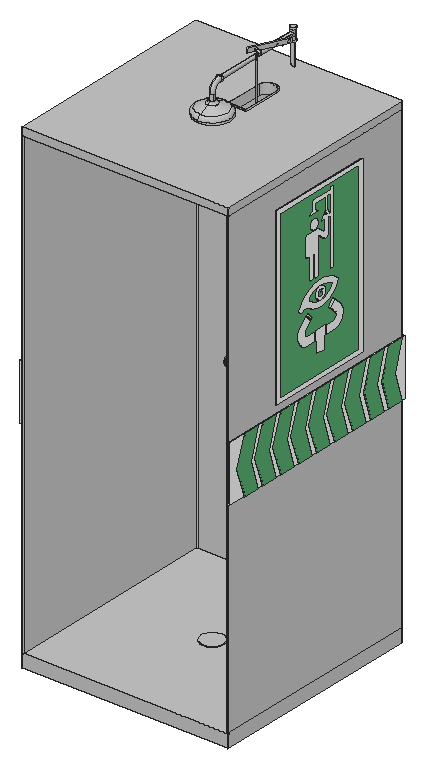
Revit family "Plumbing-Fixturse_Haws-Corporation_8605SS", category Plumbing Fixtures, Revit 2020 (continued)
Lines and regions (in)
  symbolic lines
    curve 159: line (-0.50019, 0, 3.64701) -> (-0.50019, 0, 2.3622)
    curve 161: line (-1.33481, 0, 44.73529) -> (-1.33481, 0, 44.60812)
    curve 162: line (-1.3957, 0, 44.51395) -> (-1.3957, 0, 44.38721)
    curve 163: arc (-1.3957, 0, 44.51395) -> (-1.38561, 0, 44.53832) -> (-1.36124, 0, 44.54841) r 0.03446
    curve 164: arc (-1.36124, 0, 44.54841) -> (-1.34171, 0, 44.57547) -> (-1.33481, 0, 44.60812) r 0.08067
    curve 165: arc (-1.33481, 0, 44.73529) -> (-1.31789, 0, 44.77612) -> (-1.27706, 0, 44.79304) r 0.05774
    curve 166: arc (-1.3957, 0, 44.38721) -> (-1.37785, 0, 44.34754) -> (-1.33631, 0, 44.33459) r 0.053
    curve 167: arc (-1.28666, 0, 44.28494) -> (-1.3012, 0, 44.32005) -> (-1.33631, 0, 44.33459) r 0.04965
    curve 168: arc (-1.10521, 0, 44.1035) -> (-1.23352, 0, 44.15664) -> (-1.28666, 0, 44.28494) r 0.18145
    curve 169: line (1.33481, 0, 44.73529) -> (1.33481, 0, 44.60812)
    curve 170: line (1.3957, 0, 44.51395) -> (1.3957, 0, 44.38721)
    curve 171: arc (1.3957, 0, 44.51395) -> (1.38561, 0, 44.53832) -> (1.36124, 0, 44.54841) r 0.03446
    curve 172: arc (1.36124, 0, 44.54841) -> (1.34171, 0, 44.57547) -> (1.33481, 0, 44.60812) r 0.08067
    curve 173: arc (1.33481, 0, 44.73529) -> (1.31789, 0, 44.77612) -> (1.27706, 0, 44.79304) r 0.05774
    curve 174: arc (1.3957, 0, 44.38721) -> (1.37785, 0, 44.34754) -> (1.33631, 0, 44.33459) r 0.053
    curve 175: arc (1.28666, 0, 44.28494) -> (1.3012, 0, 44.32005) -> (1.33631, 0, 44.33459) r 0.04965
    curve 176: arc (1.10521, 0, 44.1035) -> (1.23352, 0, 44.15664) -> (1.28666, 0, 44.28494) r 0.18145
    curve 177: line (0.14124, 0, 44.84252) -> (-0.14124, 0, 44.84252)
    curve 178: line (-0.14124, 0, 44.84252) -> (-0.14124, 0, 44.79304)
    curve 179: line (0.14124, 0, 44.84252) -> (0.14124, 0, 44.79304)
    curve 180: line (1.82317, 0, 43.61006) -> (0.73631, 0, 43.61006)
    curve 181: line (1.82317, 0, 43.02016) -> (0.73631, 0, 43.02016)
Dimensions and locks (in)
  equal spacing: Extrusion 16 sketch curve, Extrusion 16 sketch curve, Extrusion 16 sketch curve, Extrusion 16 sketch curve
  Extrusion 16 sketch curve to Extrusion 16 sketch curve = 7.49454"
  equal spacing: Extrusion 35 sketch curve, curve 43, Extrusion 35 sketch curve
  "Supply Radius": Extrusion 35 sketch curve to curve 43
  "Connector offset": curve 43 to level
  "Connector angle": angle plane 3 "Center (Left/Right)" to curve 43
  aligned and locked: plane 3 "Center (Left/Right)" to curve 43
Automatic sketch dimensions
  curve 13 to curve 14 = 0"  (x2)
  curve 13 to curve 41 = 0"  (x2)
  curve 13 to curve 42 = 0"  (x2)
  curve 14 to curve 41 = 0"  (x2)
  curve 14 to curve 42 = 0"  (x2)
  curve 15 to curve 16 = 0"  (x2)
  curve 41 to curve 42 = 0"  (x2)
  plane 1 "Center (Front/Back)" to curve 13 = 0"
  curve 41 to plane 3 "Center (Left/Right)" = 0"
  curve 15 to plane 3 "Center (Left/Right)" = 0"
  curve 26 to plane 3 "Center (Left/Right)" = 0.29615"
  curve 29 to plane 3 "Center (Left/Right)" = 0.3937"
  curve 33 to curve 29 = 0.09891"
  curve 26 to curve 24 = 0.19685"
  curve 31 to curve 29 = 0.19685"
  curve 9 to curve 24 = 17.73587"
  curve 10 to plane 3 "Center (Left/Right)" = 18.19047"
  curve 3 to curve 10 = 0.13631"
  plane 3 "Center (Left/Right)" to curve 25 = 0.29615"
  plane 3 "Center (Left/Right)" to curve 38 = 0.3937"
  plane 3 "Center (Left/Right)" to curve 19 = 0.49036"
  curve 37 to curve 35 = 0.09891"
  curve 37 to curve 37 = 0.19685"
  plane 3 "Center (Left/Right)" to curve 23 = 0.63986"
  curve 22 to curve 22 = 0.26543"
  curve 17 to curve 7 = 17.12612"
  plane 3 "Center (Left/Right)" to curve 5 = 18.18912"
  curve 7 to curve 4 = 0.29536"
  plane 1 "Center (Front/Back)" to curve 5 = 19.23243"
  curve 31 to plane 1 "Center (Front/Back)" = 1.5748"
  curve 32 to curve 35 = 0"
  curve 35 to curve 37 = 0.19685"
  curve 31 to curve 31 = 0.19685"
  curve 36 to curve 23 = 5.00459"
  curve 18 to curve 28 = 7.74735"
  curve 28 to curve 38 = 0"
  curve 27 to curve 26 = 0.75673"
  curve 24 to curve 25 = 0"
  curve 40 to curve 17 = 1.29038"
  curve 22 to curve 20 = 0.27108"
  curve 19 to curve 16 = 1.08753"
  curve 17 to curve 7 = 2.504"
  curve 15 to curve 24 = 0.20385"
  curve 14 to curve 33 = 2.657"
  curve 8 to curve 9 = 0"
  curve 12 to curve 10 = 0"
  curve 11 to curve 10 = 0"  (x2)
  curve 8 to curve 7 = 0"  (x2)
  curve 12 to curve 5 = 0"  (x2)
  curve 6 to curve 5 = 0"  (x2)
  curve 42 to curve 13 = 0.59058"
  curve 19 to curve 21 = 0.32657"
  curve 6 to curve 7 = 0"
  curve 11 to curve 9 = 0"
  curve 64 to curve 65 = 0"  (x2)
  curve 150 to curve 151 = 0"  (x2)
  curve 44 to level = 0"
  curve 65 to plane 3 "Center (Left/Right)" = 0"
  curve 177 to plane 3 "Center (Left/Right)" = 0.14124"
  curve 160 to plane 3 "Center (Left/Right)" = 0.28718"
  curve 152 to plane 3 "Center (Left/Right)" = 0.39376"
  curve 157 to curve 160 = 0.213"
  curve 49 to plane 3 "Center (Left/Right)" = 0.59055"
  curve 76 to plane 3 "Center (Left/Right)" = 0.59055"
  curve 51 to plane 3 "Center (Left/Right)" = 0.59058"
  curve 146 to curve 146 = 0.24788"
  curve 56 to curve 51 = 0.35827"
  curve 168 to curve 146 = 0.46357"
  curve 57 to curve 56 = 0.21562"
  curve 165 to curve 168 = 0.17185"
  curve 161 to curve 165 = 0.05774"
  curve 167 to curve 168 = 0.2311"
  curve 166 to curve 167 = 0.00639"
  curve 163 to curve 164 = 0.02643"
  curve 162 to curve 163 = 0.03446"
  curve 164 to curve 144 = 0.05424"
  curve 55 to curve 56 = 1.41501"
  curve 56 to curve 55 = 0.34445"
  curve 54 to curve 55 = 0.78575"
  curve 139 to plane 3 "Center (Left/Right)" = 3 5/16"
  curve 138 to curve 54 = 14.78346"
  curve 45 to curve 135 = 0.3937"
  plane 3 "Center (Left/Right)" to curve 177 = 0.14124"
  plane 3 "Center (Left/Right)" to curve 156 = 0.28903"
  plane 3 "Center (Left/Right)" to curve 154 = 0.39341"
  curve 156 to curve 158 = 0.21078"
  plane 3 "Center (Left/Right)" to curve 63 = 0.59055"
  plane 3 "Center (Left/Right)" to curve 77 = 0.59055"
  plane 3 "Center (Left/Right)" to curve 51 = 0.59058"
  plane 3 "Center (Left/Right)" to curve 73 = 0.63986"
  curve 153 to curve 149 = 0.3429"
  curve 73 to curve 74 = 0.26543"
  curve 51 to curve 60 = 0.35827"
  curve 71 to curve 72 = 0.08656"
  curve 149 to curve 176 = 0.3689"
  curve 61 to curve 61 = 0.57388"
  curve 176 to curve 173 = 0.17185"
  curve 173 to curve 169 = 0.05774"
  curve 176 to curve 175 = 0.2311"
  curve 174 to curve 174 = 0.00639"
  curve 172 to curve 171 = 0.02643"
  curve 174 to curve 170 = 0.053"
  curve 144 to curve 172 = 0.05424"
  curve 145 to curve 151 = 0.71796"
  curve 61 to curve 59 = 1.41501"
  curve 59 to curve 60 = 0.34445"
  curve 59 to curve 58 = 0.78575"
  plane 3 "Center (Left/Right)" to curve 140 = 3 5/16"
  level to curve 136 = 2.3622"
  curve 158 to curve 136 = 17.43326"
  curve 136 to curve 46 = 0.3937"
  curve 158 to curve 158 = 1.28481"
  curve 184 to curve 148 = 39.17597"
  curve 155 to curve 148 = 0"
  curve 149 to curve 151 = 0.49213"
  curve 150 to curve 149 = 0.49213"
  curve 146 to curve 153 = 0"
  curve 146 to curve 145 = 0.29626"
  curve 145 to curve 168 = 0.18145"
  curve 176 to curve 176 = 0.18145"
  curve 167 to curve 162 = 0.10227"
  curve 175 to curve 170 = 0.10227"
  curve 166 to curve 162 = 0.12674"
  curve 169 to curve 169 = 0.12717"
  curve 178 to curve 178 = 0.04948"
  curve 173 to curve 142 = 20.75424"
  curve 139 to curve 139 = 10 3/4"
  curve 139 to curve 138 = 8.32477"
  curve 135 to curve 44 = 1.37795"
  curve 58 to curve 58 = 0.30759"
  curve 54 to curve 55 = 0.30759"
  curve 55 to curve 56 = 0.71087"
  curve 59 to curve 60 = 0.71087"
  curve 60 to curve 51 = 0.48947"
  curve 61 to curve 49 = 0.88534"
  curve 49 to curve 63 = 0.19685"
  curve 50 to curve 69 = 1.13222"
  curve 68 to curve 72 = 0.30817"
  curve 68 to curve 65 = 0.54149"
  curve 70 to curve 72 = 0.45357"
  curve 71 to curve 77 = 1.45347"
  curve 47 to curve 75 = 0.19685"
  curve 75 to curve 73 = 0.89184"
  curve 182 to curve 178 = 0.14594"
  curve 184 to curve 160 = 0"
  curve 79 to plane 3 "Center (Left/Right)" = 1/2"
  curve 51 to curve 53 = 0.09058"
  curve 50 to curve 80 = 0.09013"
  curve 179 to curve 183 = 0.14779"
  curve 185 to curve 156 = 0"
  curve 48 to curve 50 = 0.09055"
  curve 66 to curve 66 = 0.13986"
  curve 82 to curve 51 = 0.09058"
  curve 150 to curve 150 = 0.29495"
  curve 150 to curve 181 = 0"
  curve 180 to curve 150 = 0"
  curve 81 to curve 48 = 0.09891"
  curve 65 to curve 64 = 0.59055"
  curve 67 to curve 81 = 0.07945"
  curve 78 to curve 66 = 0.07945"
  Extrusion 1 sketch curve to plane 3 "Center (Left/Right)" = 18.32677"
  Extrusion 1 sketch curve to Extrusion 1 sketch curve = 0.13631"
  Extrusion 1 sketch curve to Extrusion 1 sketch curve = 0.11883"
  Extrusion 1 sketch curve to Extrusion 1 sketch curve = 0.29476"
  Extrusion 1 sketch curve to Extrusion 1 sketch curve = 0.09894"
  Extrusion 1 sketch curve to Extrusion 1 sketch curve = 0.19606"
  plane 3 "Center (Left/Right)" to Extrusion 1 sketch curve = 17.73622"
  Extrusion 1 sketch curve to Extrusion 1 sketch curve = 0.19685"
  Extrusion 1 sketch curve to Extrusion 1 sketch curve = 0.29519"  (x2)
  Extrusion 1 sketch curve to Extrusion 1 sketch curve = 0.13715"
  Extrusion 1 sketch curve to Extrusion 1 sketch curve = 0.1189"
  Extrusion 1 sketch curve to Extrusion 1 sketch curve = 0.13765"
  plane 1 "Center (Front/Back)" to Extrusion 1 sketch curve = 19.37008"  (x2)
  Extrusion 1 sketch curve to plane 1 "Center (Front/Back)" = 18.77953"
  Extrusion 2 sketch curve to plane 3 "Center (Left/Right)" = 18.32677"
  Extrusion 2 sketch curve to Extrusion 2 sketch curve = 0.13631"
  Extrusion 2 sketch curve to Extrusion 2 sketch curve = 0.29476"
  plane 3 "Center (Left/Right)" to Extrusion 2 sketch curve = 18.03141"
  plane 3 "Center (Left/Right)" to Extrusion 2 sketch curve = 18.18912"
  Extrusion 2 sketch curve to Extrusion 2 sketch curve = 0.29536"
  plane 1 "Center (Front/Back)" to Extrusion 2 sketch curve = 19.37008"
  Extrusion 2 sketch curve to plane 1 "Center (Front/Back)" = 19.07471"
  Extrusion 3 sketch curve to plane 3 "Center (Left/Right)" = 18.32677"
  Extrusion 3 sketch curve to Extrusion 3 sketch curve = 0.13631"
  Extrusion 3 sketch curve to Extrusion 3 sketch curve = 0.29476"
  plane 3 "Center (Left/Right)" to Extrusion 3 sketch curve = 18.03141"
  plane 3 "Center (Left/Right)" to Extrusion 3 sketch curve = 18.18912"
  Extrusion 3 sketch curve to Extrusion 3 sketch curve = 0.29536"
  plane 1 "Center (Front/Back)" to Extrusion 3 sketch curve = 19.37008"
  Extrusion 3 sketch curve to plane 1 "Center (Front/Back)" = 19.07471"
  Revolve 4 sketch curve to plane 1 "Center (Front/Back)" = 0"  (x2)
  Revolve 4 sketch curve to Revolve 4 sketch curve = 0.59058"
  Revolve 4 sketch curve to Revolve 4 sketch curve = 0.32278"
  Revolve 4 sketch curve to Revolve 4 sketch curve = 0.19336"
  Revolve 4 sketch curve to Revolve 4 sketch curve = 1.44885"
  Revolve 4 sketch curve to Revolve 4 sketch curve = 0.29497"
  Revolve 4 sketch curve to Revolve 4 sketch curve = 0.7874"
  level to Revolve 4 sketch curve = 84.62205"
  Revolve 4 sketch curve to Revolve 4 sketch curve = 1.68409"
  Revolve 4 sketch curve to Revolve 4 sketch curve = 0.70455"
  Revolve 4 sketch curve to Revolve 4 sketch curve = 0.47341"
  Revolve 4 sketch curve to Revolve 4 sketch curve = 0"  (x2)
  plane 1 "Center (Front/Back)" to Extrusion 5 sketch curve = 0"
  Extrusion 5 sketch curve to plane 3 "Center (Left/Right)" = 0"
  plane 1 "Center (Front/Back)" to Extrusion 6 sketch curve = 0"
  Extrusion 6 sketch curve to plane 3 "Center (Left/Right)" = 0"
  Sweep 7 sketch curve to plane 1 "Center (Front/Back)" = 0"
  Sweep 7 sketch curve to plane 1 "Center (Front/Back)" = 1.5748"
  level to Sweep 7 sketch curve = 89.39526"
  profile plane to Sweep 7 sketch curve = 0"
  Sweep 7 sketch curve to profile plane = 0"
  Extrusion 8 sketch curve to plane 3 "Center (Left/Right)" = 0"
  Extrusion 8 sketch curve to plane 1 "Center (Front/Back)" = 17.92932"
  Extrusion 9 sketch curve to Extrusion 9 sketch curve = 0"  (x2)
  Extrusion 9 sketch curve to plane 3 "Center (Left/Right)" = 0"
  level to Extrusion 9 sketch curve = 90.97006"
  Extrusion 9 sketch curve to Extrusion 9 sketch curve = 37/128"
  Extrusion 10 sketch curve to Extrusion 10 sketch curve = 0"  (x2)
  Extrusion 10 sketch curve to plane 3 "Center (Left/Right)" = 0"
  Extrusion 10 sketch curve to plane 1 "Center (Front/Back)" = 17.92932"
  Extrusion 10 sketch curve to Extrusion 10 sketch curve = 101/256"
  Extrusion 11 sketch curve to Extrusion 11 sketch curve = 0"  (x2)
  Extrusion 11 sketch curve to plane 3 "Center (Left/Right)" = 0"
  level to Extrusion 11 sketch curve = 90.97006"
  Extrusion 11 sketch curve to Extrusion 11 sketch curve = 101/256"
  Extrusion 12 sketch curve to Extrusion 12 sketch curve = 0"  (x2)
  Extrusion 12 sketch curve to plane 3 "Center (Left/Right)" = 0"
  Extrusion 12 sketch curve to plane 1 "Center (Front/Back)" = 17.92932"
  Extrusion 12 sketch curve to Extrusion 12 sketch curve = 1/2"
  Extrusion 13 sketch curve to Extrusion 13 sketch curve = 0"  (x2)
  Extrusion 13 sketch curve to plane 3 "Center (Left/Right)" = 0"
  Extrusion 13 sketch curve to plane 1 "Center (Front/Back)" = 17.92932"
  Extrusion 13 sketch curve to Extrusion 13 sketch curve = 1/2"
  Extrusion 14 sketch curve to Extrusion 14 sketch curve = 0"  (x2)
  Extrusion 14 sketch curve to plane 3 "Center (Left/Right)" = 0"
  level to Extrusion 14 sketch curve = 90.97006"
  Extrusion 14 sketch curve to Extrusion 14 sketch curve = 1/2"
  plane 3 "Center (Left/Right)" to Extrusion 15 sketch curve = 0.49036"
  Extrusion 15 sketch curve to Extrusion 15 sketch curve = 0.1495"
  level to Extrusion 15 sketch curve = 90.57636"
  Extrusion 15 sketch curve to Extrusion 15 sketch curve = 0.7874"
  Extrusion 16 sketch curve to plane 1 "Center (Front/Back)" = 16.51648"
  level to Extrusion 16 sketch curve = 91.18914"
  Extrusion 16 sketch curve to Extrusion 16 sketch curve = 0.55678"  (x2)
  Extrusion 16 sketch curve to Extrusion 16 sketch curve = 0.06485"
  Extrusion 16 sketch curve to Extrusion 16 sketch curve = 0.11836"
  Extrusion 16 sketch curve to Extrusion 16 sketch curve = 2.99469"  (x2)
  Extrusion 16 sketch curve to Extrusion 16 sketch curve = 1.28499"
  Extrusion 16 sketch curve to Extrusion 16 sketch curve = 0.62277"
  Extrusion 16 sketch curve to Extrusion 16 sketch curve = 0.07671"
  Extrusion 16 sketch curve to Extrusion 16 sketch curve = 0.10186"
  Extrusion 16 sketch curve to Extrusion 16 sketch curve = 2.47487"
  Extrusion 16 sketch curve to Extrusion 16 sketch curve = 0.69194"
  Extrusion 16 sketch curve to Extrusion 16 sketch curve = 0.05278"
  Extrusion 17 sketch curve to plane 1 "Center (Front/Back)" = 16.05415"
  Extrusion 17 sketch curve to Extrusion 17 sketch curve = 0.13093"  (x3)
  Extrusion 17 sketch curve to Extrusion 17 sketch curve = 0.26187"  (x2)
  level to Extrusion 17 sketch curve = 90.73674"
  Extrusion 17 sketch curve to Extrusion 17 sketch curve = 0.22678"  (x3)
  Extrusion 18 sketch curve to plane 3 "Center (Left/Right)" = 0"
  Extrusion 18 sketch curve to Extrusion 18 sketch curve = 1.5748"
  Extrusion 18 sketch curve to plane 1 "Center (Front/Back)" = 3.54331"
  Extrusion 18 sketch curve to Extrusion 18 sketch curve = 6.69291"
  Extrusion 19 sketch curve to plane 3 "Center (Left/Right)" = 0"
  plane 3 "Center (Left/Right)" to Extrusion 19 sketch curve = 0.09875"
  Extrusion 19 sketch curve to Extrusion 19 sketch curve = 1.47606"
  Extrusion 19 sketch curve to Extrusion 19 sketch curve = 0.00032"
  Extrusion 19 sketch curve to plane 1 "Center (Front/Back)" = 3.54331"
  Extrusion 19 sketch curve to Extrusion 19 sketch curve = 0.09959"
  Extrusion 19 sketch curve to Extrusion 19 sketch curve = 6.59332"
  Extrusion 19 sketch curve to Extrusion 19 sketch curve = 0"
  Revolve 20 sketch curve to plane 1 "Center (Front/Back)" = 4.83877"
  Revolve 20 sketch curve to Revolve 20 sketch curve = 0.3937"
  Revolve 20 sketch curve to Revolve 20 sketch curve = 0.71187"
  Revolve 20 sketch curve to Revolve 20 sketch curve = 0.23073"
  Revolve 20 sketch curve to Revolve 20 sketch curve = 0.00037"
  Revolve 20 sketch curve to Revolve 20 sketch curve = 0.02494"
  Revolve 20 sketch curve to Revolve 20 sketch curve = 0.0551"
  Revolve 20 sketch curve to Revolve 20 sketch curve = 0.03446"  (x2)
  level to Revolve 20 sketch curve = 42.92155"
  Revolve 20 sketch curve to Revolve 20 sketch curve = 1.18194"
  Revolve 20 sketch curve to Revolve 20 sketch curve = 0.17987"
  Revolve 20 sketch curve to Revolve 20 sketch curve = 0.10384"
  Revolve 20 sketch curve to Revolve 20 sketch curve = 0.00254"
  Revolve 20 sketch curve to Revolve 20 sketch curve = 0.12674"
  Revolve 20 sketch curve to Revolve 20 sketch curve = 0"  (x2)
  Revolve 20 sketch curve to Revolve 20 sketch curve = 1.69029"
  Revolve 20 sketch curve to Revolve 20 sketch curve = 0.43285"
  Revolve 21 sketch curve to plane 1 "Center (Front/Back)" = 4.83877"
  Revolve 21 sketch curve to Revolve 21 sketch curve = 0.14124"
  Revolve 21 sketch curve to Revolve 21 sketch curve = 1.13193"
  Revolve 21 sketch curve to Revolve 21 sketch curve = 0.0051"
  Revolve 21 sketch curve to Revolve 21 sketch curve = 0.05806"
  Revolve 21 sketch curve to Revolve 21 sketch curve = 0.00507"
  Revolve 21 sketch curve to Revolve 21 sketch curve = 0.02494"
  Revolve 21 sketch curve to Revolve 21 sketch curve = 0.02729"
  level to Revolve 21 sketch curve = 44.54841"
  Revolve 21 sketch curve to Revolve 21 sketch curve = 0.04273"
  Revolve 21 sketch curve to Revolve 21 sketch curve = 0.14405"
  Revolve 21 sketch curve to Revolve 21 sketch curve = 0.00009"
  Revolve 21 sketch curve to Revolve 21 sketch curve = 0.04948"
  Revolve 21 sketch curve to Revolve 21 sketch curve = 0"  (x2)
  Revolve 21 sketch curve to Revolve 21 sketch curve = 0.95589"
  Extrusion 22 sketch curve to plane 3 "Center (Left/Right)" = 0"
  level to Extrusion 22 sketch curve = 43.31609"
  Extrusion 23 sketch curve to plane 3 "Center (Left/Right)" = 0"
  level to Extrusion 23 sketch curve = 43.31609"
  Extrusion 24 sketch curve to plane 3 "Center (Left/Right)" = 0.64164"
  plane 3 "Center (Left/Right)" to Extrusion 24 sketch curve = 0.73631"
  level to Extrusion 24 sketch curve = 42.82298"
  Extrusion 24 sketch curve to Extrusion 24 sketch curve = 0.98425"
  Extrusion 25 sketch curve to plane 1 "Center (Front/Back)" = 14.58274"
  level to Extrusion 25 sketch curve = 43.31511"
  Sweep 26 sketch curve to plane 3 "Center (Left/Right)" = 0"
  Sweep 26 sketch curve to plane 3 "Center (Left/Right)" = 0.2665"
  plane 3 "Center (Left/Right)" to Sweep 26 sketch curve = 0.42899"
  Sweep 26 sketch curve to Sweep 26 sketch curve = 0.78213"  (x2)
  Sweep 26 sketch curve to Sweep 26 sketch curve = 1.03567"
  Sweep 26 sketch curve to Sweep 26 sketch curve = 0.61205"
  Sweep 26 sketch curve to plane 1 "Center (Front/Back)" = 7.42847"
  Sweep 26 sketch curve to Sweep 26 sketch curve = 2.5897"
  Sweep 26 sketch curve to Sweep 26 sketch curve = 3.85884"
  profile plane to Sweep 26 sketch curve = 0"
  level to Sweep 26 sketch curve = 43.31511"
  Extrusion 27 sketch curve to plane 3 "Center (Left/Right)" = 3 5/16"
  plane 3 "Center (Left/Right)" to Extrusion 27 sketch curve = 3 5/16"
  level to Extrusion 27 sketch curve = 65.54728"
  Extrusion 27 sketch curve to Extrusion 27 sketch curve = 10 3/4"
  Extrusion 28 sketch curve to plane 3 "Center (Left/Right)" = 0"
  Extrusion 28 sketch curve to plane 1 "Center (Front/Back)" = 17.92932"
  plane 1 "Center (Front/Back)" to Extrusion 29 sketch curve = 0"
  Extrusion 29 sketch curve to plane 3 "Center (Left/Right)" = 0"
  Extrusion 30 sketch curve to Extrusion 30 sketch curve = 0"  (x2)
  Extrusion 30 sketch curve to plane 3 "Center (Left/Right)" = 0"
  Extrusion 30 sketch curve to plane 1 "Center (Front/Back)" = 17.92932"
  Extrusion 30 sketch curve to Extrusion 30 sketch curve = 1/2"
  Extrusion 31 sketch curve to plane 3 "Center (Left/Right)" = 18.32677"
  plane 3 "Center (Left/Right)" to Extrusion 31 sketch curve = 18.32677"
  plane 1 "Center (Front/Back)" to Extrusion 31 sketch curve = 19.37008"
  Extrusion 31 sketch curve to plane 1 "Center (Front/Back)" = 19.37008"
  Extrusion 32 sketch curve to plane 3 "Center (Left/Right)" = 18.32677"
  Extrusion 32 sketch curve to Extrusion 32 sketch curve = 0.3937"  (x3)
  plane 3 "Center (Left/Right)" to Extrusion 32 sketch curve = 17.93307"
  plane 1 "Center (Front/Back)" to Extrusion 32 sketch curve = 19.37008"  (x2)
  Extrusion 32 sketch curve to plane 1 "Center (Front/Back)" = 18.97638"
  Extrusion 33 sketch curve to plane 3 "Center (Left/Right)" = 18.32677"
  plane 3 "Center (Left/Right)" to Extrusion 33 sketch curve = 18.32677"
  plane 1 "Center (Front/Back)" to Extrusion 33 sketch curve = 19.37008"
  Extrusion 33 sketch curve to plane 1 "Center (Front/Back)" = 19.37008"
  Masking region 1 sketch curve to plane 3 "Center (Left/Right)" = 18.32677"
  Masking region 1 sketch curve to Masking region 1 sketch curve = 0.13631"
  Masking region 1 sketch curve to Masking region 1 sketch curve = 0.29476"
  plane 3 "Center (Left/Right)" to Masking region 1 sketch curve = 18.03141"
  plane 3 "Center (Left/Right)" to Masking region 1 sketch curve = 18.18912"
  Masking region 1 sketch curve to Masking region 1 sketch curve = 0.13765"
  plane 1 "Center (Front/Back)" to Masking region 1 sketch curve = 19.37008"
  Masking region 1 sketch curve to plane 1 "Center (Front/Back)" = 19.07471"
  Masking region 2 sketch curve to plane 3 "Center (Left/Right)" = 18.32677"
  plane 3 "Center (Left/Right)" to Masking region 2 sketch curve = 18.32677"
  plane 1 "Center (Front/Back)" to Masking region 2 sketch curve = 19.37008"
  Masking region 2 sketch curve to plane 1 "Center (Front/Back)" = 19.37008"
  Extrusion 34 sketch curve to Extrusion 34 sketch curve = 0"  (x2)
  Extrusion 34 sketch curve to plane 3 "Center (Left/Right)" = 0"
  Extrusion 34 sketch curve to plane 1 "Center (Front/Back)" = 17.92932"
  Extrusion 34 sketch curve to Extrusion 34 sketch curve = 37/128"
  Masking region 3 sketch curve to Masking region 3 sketch curve = 0"  (x5)
  Masking region 3 sketch curve to level = 0"
  Masking region 3 sketch curve to plane 3 "Center (Left/Right)" = 0"
  Masking region 3 sketch curve to plane 3 "Center (Left/Right)" = 1/2"  (x2)
  Masking region 3 sketch curve to Masking region 3 sketch curve = 0.00042"
  Masking region 3 sketch curve to Masking region 3 sketch curve = 0.09055"  (x3)
  Masking region 3 sketch curve to Masking region 3 sketch curve = 0.09013"
  Masking region 3 sketch curve to Masking region 3 sketch curve = 0.09058"  (x2)
  Masking region 3 sketch curve to Masking region 3 sketch curve = 0.35827"  (x2)
  Masking region 3 sketch curve to Masking region 3 sketch curve = 0.21562"  (x2)
  Masking region 3 sketch curve to Masking region 3 sketch curve = 1.41501"  (x2)
  Masking region 3 sketch curve to Masking region 3 sketch curve = 0.34445"  (x2)
  Masking region 3 sketch curve to Masking region 3 sketch curve = 0.78575"  (x2)
  Masking region 3 sketch curve to plane 3 "Center (Left/Right)" = 18.32677"
  plane 3 "Center (Left/Right)" to Masking region 3 sketch curve = 1/2"  (x2)
  plane 3 "Center (Left/Right)" to Masking region 3 sketch curve = 18.32677"
  level to Masking region 3 sketch curve = 86"
  Masking region 3 sketch curve to Masking region 3 sketch curve = 0.30759"  (x2)
  Masking region 3 sketch curve to Masking region 3 sketch curve = 0.71087"  (x2)
  Masking region 3 sketch curve to Masking region 3 sketch curve = 0.48947"  (x2)
  Masking region 3 sketch curve to Masking region 3 sketch curve = 0.88534"  (x2)
  Masking region 3 sketch curve to Masking region 3 sketch curve = 0.19685"  (x3)
  Masking region 3 sketch curve to Masking region 3 sketch curve = 1.35947"  (x2)
  Masking region 3 sketch curve to Masking region 3 sketch curve = 0.00067"
  Masking region 3 sketch curve to Masking region 3 sketch curve = 0.31425"
  Masking region 4 sketch curve to Masking region 4 sketch curve = 0"  (x8)
  Masking region 4 sketch curve to level = 0"
  plane 1 "Center (Front/Back)" to Masking region 4 sketch curve = 19.37008"
  plane 1 "Center (Front/Back)" to Masking region 4 sketch curve = 3.14833"
  Masking region 4 sketch curve to Masking region 4 sketch curve = 0.48148"
  Masking region 4 sketch curve to Masking region 4 sketch curve = 0.28873"  (x2)
  plane 1 "Center (Front/Back)" to Masking region 4 sketch curve = 1.05033"
  Masking region 4 sketch curve to Masking region 4 sketch curve = 0.17258"  (x2)
  Masking region 4 sketch curve to Masking region 4 sketch curve = 0.45975"
  plane 1 "Center (Front/Back)" to Masking region 4 sketch curve = 0.39462"
  plane 1 "Center (Front/Back)" to Masking region 4 sketch curve = 0.28679"
  Masking region 4 sketch curve to plane 1 "Center (Front/Back)" = 0.28856"
  Masking region 4 sketch curve to Masking region 4 sketch curve = 0.10597"
  Masking region 4 sketch curve to Masking region 4 sketch curve = 0.30202"
  Masking region 4 sketch curve to Masking region 4 sketch curve = 0.28717"
  Masking region 4 sketch curve to plane 1 "Center (Front/Back)" = 1.5748"
  Masking region 4 sketch curve to Masking region 4 sketch curve = 0.19685"  (x5)
  Masking region 4 sketch curve to Masking region 4 sketch curve = 1.50037"
  Masking region 4 sketch curve to Masking region 4 sketch curve = 0.77021"
  Masking region 4 sketch curve to Masking region 4 sketch curve = 11.37527"
  Masking region 4 sketch curve to Masking region 4 sketch curve = 2.90572"
  Masking region 4 sketch curve to Masking region 4 sketch curve = 0.10552"  (x2)
  Masking region 4 sketch curve to Masking region 4 sketch curve = 0.21235"
  Masking region 4 sketch curve to Masking region 4 sketch curve = 0.57677"
  Masking region 4 sketch curve to Masking region 4 sketch curve = 0.78389"
  Masking region 4 sketch curve to Masking region 4 sketch curve = 0.11059"  (x2)
  Masking region 4 sketch curve to plane 1 "Center (Front/Back)" = 19.37008"
  level to Masking region 4 sketch curve = 86"
  Masking region 4 sketch curve to Masking region 4 sketch curve = 0.3198"  (x2)
  Masking region 4 sketch curve to Masking region 4 sketch curve = 0.34898"  (x2)
  Masking region 4 sketch curve to Masking region 4 sketch curve = 0.72285"
  Masking region 4 sketch curve to Masking region 4 sketch curve = 0.42716"  (x2)
  Masking region 4 sketch curve to Masking region 4 sketch curve = 1.1811"
  Masking region 4 sketch curve to Masking region 4 sketch curve = 3.85288"
  Masking region 4 sketch curve to Masking region 4 sketch curve = 27/256"
  Masking region 4 sketch curve to Masking region 4 sketch curve = 0.5258"
  Masking region 4 sketch curve to Masking region 4 sketch curve = 0.10566"
  Masking region 4 sketch curve to Masking region 4 sketch curve = 0.10553"
  Masking region 4 sketch curve to Masking region 4 sketch curve = 0.10461"
  Masking region 4 sketch curve to Masking region 4 sketch curve = 0.10538"
  Masking region 4 sketch curve to Masking region 4 sketch curve = 0.47686"  (x2)
  Masking region 5 sketch curve to plane 1 "Center (Front/Back)" = 6.83553"
  Masking region 5 sketch curve to Masking region 5 sketch curve = 0.18915"
  Masking region 5 sketch curve to Masking region 5 sketch curve = 0.37657"
  Masking region 5 sketch curve to Masking region 5 sketch curve = 8.54447"
  Masking region 5 sketch curve to Masking region 5 sketch curve = 0.36698"
  Masking region 5 sketch curve to Masking region 5 sketch curve = 0.57077"
  level to Masking region 5 sketch curve = 90.42857"
  Masking region 5 sketch curve to Masking region 5 sketch curve = 0.50592"
  Masking region 5 sketch curve to Masking region 5 sketch curve = 2.03348"
  Masking region 5 sketch curve to Masking region 5 sketch curve = 0.26568"
  Masking region 6 sketch curve to plane 1 "Center (Front/Back)" = 3.54331"
  Masking region 6 sketch curve to Masking region 6 sketch curve = 8.26772"
  level to Masking region 6 sketch curve = 86"
  Masking region 6 sketch curve to Masking region 6 sketch curve = 0.142"
  Masking region 7 sketch curve to plane 1 "Center (Front/Back)" = 8.19685"
  Masking region 7 sketch curve to Masking region 7 sketch curve = 1/8"
  level to Masking region 7 sketch curve = 86.142"
  Masking region 7 sketch curve to Masking region 7 sketch curve = 6.82962"
  Extrusion 36 sketch curve to Extrusion 36 sketch curve = 0"  (x24)
  Extrusion 36 sketch curve to plane 3 "Center (Left/Right)" = 3 5/16"
  Extrusion 36 sketch curve to Extrusion 36 sketch curve = 1/4"  (x7)
  Extrusion 36 sketch curve to plane 3 "Center (Left/Right)" = 1.53767"
  Extrusion 36 sketch curve to Extrusion 36 sketch curve = 0.1236"
  Extrusion 36 sketch curve to Extrusion 36 sketch curve = 0.3922"  (x2)
  Extrusion 36 sketch curve to Extrusion 36 sketch curve = 0.44392"
  Extrusion 36 sketch curve to Extrusion 36 sketch curve = 0.01072"  (x2)
  Extrusion 36 sketch curve to Extrusion 36 sketch curve = 0.07515"
  Extrusion 36 sketch curve to plane 3 "Center (Left/Right)" = 1 1/16"
  Extrusion 36 sketch curve to Extrusion 36 sketch curve = 0.06472"  (x2)
  Extrusion 36 sketch curve to Extrusion 36 sketch curve = 0.14181"
  Extrusion 36 sketch curve to Extrusion 36 sketch curve = 1/8"  (x12)
  Extrusion 36 sketch curve to Extrusion 36 sketch curve = 0.08839"  (x4)
  Extrusion 36 sketch curve to Extrusion 36 sketch curve = 0.09349"  (x2)
  Extrusion 36 sketch curve to Extrusion 36 sketch curve = 1/16"  (x6)
  Extrusion 36 sketch curve to plane 3 "Center (Left/Right)" = 3/4"
  Extrusion 36 sketch curve to Extrusion 36 sketch curve = 0.36428"
  Extrusion 36 sketch curve to Extrusion 36 sketch curve = 0.05492"  (x2)
  Extrusion 36 sketch curve to plane 3 "Center (Left/Right)" = 0.64821"
  Extrusion 36 sketch curve to Extrusion 36 sketch curve = 7/32"
  Extrusion 36 sketch curve to plane 3 "Center (Left/Right)" = 7/16"  (x2)
  Extrusion 36 sketch curve to Extrusion 36 sketch curve = 3/32"
  Extrusion 36 sketch curve to Extrusion 36 sketch curve = 3/16"  (x3)
  Extrusion 36 sketch curve to plane 3 "Center (Left/Right)" = 3/16"
  Extrusion 36 sketch curve to plane 3 "Center (Left/Right)" = 1/8"
  Extrusion 36 sketch curve to plane 3 "Center (Left/Right)" = 0.075"
  plane 3 "Center (Left/Right)" to Extrusion 36 sketch curve = 0.05762"
  plane 3 "Center (Left/Right)" to Extrusion 36 sketch curve = 1/16"
  Extrusion 36 sketch curve to Extrusion 36 sketch curve = 0.04018"
  plane 3 "Center (Left/Right)" to Extrusion 36 sketch curve = 9/64"
  plane 3 "Center (Left/Right)" to Extrusion 36 sketch curve = 0.16987"
  plane 3 "Center (Left/Right)" to Extrusion 36 sketch curve = 5/16"
  plane 3 "Center (Left/Right)" to Extrusion 36 sketch curve = 0.325"
  Extrusion 36 sketch curve to Extrusion 36 sketch curve = 0.16026"  (x2)
  Extrusion 36 sketch curve to Extrusion 36 sketch curve = 0.04487"
  Extrusion 36 sketch curve to Extrusion 36 sketch curve = 0.05384"  (x2)
  Extrusion 36 sketch curve to Extrusion 36 sketch curve = 0.1125"
  plane 3 "Center (Left/Right)" to Extrusion 36 sketch curve = 0.4535"
  Extrusion 36 sketch curve to Extrusion 36 sketch curve = 0.11603"  (x2)
  Extrusion 36 sketch curve to Extrusion 36 sketch curve = 0.0465"  (x2)
  Extrusion 36 sketch curve to Extrusion 36 sketch curve = 0.093"  (x2)
  Extrusion 36 sketch curve to Extrusion 36 sketch curve = 0.00897"
  Extrusion 36 sketch curve to Extrusion 36 sketch curve = 0.57054"
  plane 3 "Center (Left/Right)" to Extrusion 36 sketch curve = 7/8"
  Extrusion 36 sketch curve to Extrusion 36 sketch curve = 121/256"
  Extrusion 36 sketch curve to Extrusion 36 sketch curve = 11/32"
  Extrusion 36 sketch curve to Extrusion 36 sketch curve = 0.06666"
  Extrusion 36 sketch curve to Extrusion 36 sketch curve = 0.2353"
  Extrusion 36 sketch curve to Extrusion 36 sketch curve = 2 1/16"
  level to Extrusion 36 sketch curve = 65.54728"
  Extrusion 36 sketch curve to Extrusion 36 sketch curve = 1 1/4"  (x2)
  Extrusion 36 sketch curve to Extrusion 36 sketch curve = 3/4"  (x2)
  Extrusion 36 sketch curve to Extrusion 36 sketch curve = 1/2"  (x2)
  Extrusion 36 sketch curve to Extrusion 36 sketch curve = 0.03347"  (x2)
  Extrusion 36 sketch curve to Extrusion 36 sketch curve = 0.11428"
  Extrusion 36 sketch curve to Extrusion 36 sketch curve = 0.54197"
  Extrusion 36 sketch curve to Extrusion 36 sketch curve = 1 7/32"
  Extrusion 36 sketch curve to Extrusion 36 sketch curve = 0.00905"
  Extrusion 36 sketch curve to Extrusion 36 sketch curve = 0.03571"
  Extrusion 36 sketch curve to Extrusion 36 sketch curve = 0.51311"
  Extrusion 36 sketch curve to Extrusion 36 sketch curve = 0.32617"
  Extrusion 36 sketch curve to Extrusion 36 sketch curve = 0.45117"
  Extrusion 36 sketch curve to Extrusion 36 sketch curve = 0.5375"
  Extrusion 36 sketch curve to Extrusion 36 sketch curve = 0.3375"
  Extrusion 36 sketch curve to Extrusion 36 sketch curve = 0.366"
  Extrusion 36 sketch curve to Extrusion 36 sketch curve = 3/8"
  Extrusion 36 sketch curve to Extrusion 36 sketch curve = 19/64"
  Extrusion 36 sketch curve to Extrusion 36 sketch curve = 0.29728"
  Extrusion 36 sketch curve to Extrusion 36 sketch curve = 0.10607"
  Extrusion 36 sketch curve to Extrusion 36 sketch curve = 21/64"
  Extrusion 36 sketch curve to Extrusion 36 sketch curve = 0.35355"
  Extrusion 36 sketch curve to Extrusion 36 sketch curve = 5/32"  (x2)
  Extrusion 36 sketch curve to Extrusion 36 sketch curve = 19/128"
  Extrusion 36 sketch curve to Extrusion 36 sketch curve = 13/128"
  Extrusion 36 sketch curve to Extrusion 36 sketch curve = 0.10135"
  Extrusion 36 sketch curve to Extrusion 36 sketch curve = 0.24242"
  Extrusion 36 sketch curve to Extrusion 36 sketch curve = 0.22715"
  Extrusion 36 sketch curve to Extrusion 36 sketch curve = 0.37843"
  plane 1 "Center (Front/Back)" to Extrusion 37 sketch curve = 19.37008"
  Extrusion 37 sketch curve to plane 1 "Center (Front/Back)" = 19.37008"
  level to Extrusion 37 sketch curve = 38.79362"
  Extrusion 37 sketch curve to Extrusion 37 sketch curve = 9.99932"
  plane 1 "Center (Front/Back)" to Extrusion 38 sketch curve = 19.37008"
  Extrusion 38 sketch curve to plane 1 "Center (Front/Back)" = 19.37008"
  level to Extrusion 38 sketch curve = 38.79362"
  Extrusion 38 sketch curve to Extrusion 38 sketch curve = 9.99932"
  plane 1 "Center (Front/Back)" to Extrusion 39 sketch curve = 17.94191"
  Extrusion 39 sketch curve to Extrusion 39 sketch curve = 1.62449"  (x2)
  Extrusion 39 sketch curve to Extrusion 39 sketch curve = 3"  (x23)
  Extrusion 39 sketch curve to Extrusion 39 sketch curve = 1"  (x22)
  plane 1 "Center (Front/Back)" to Extrusion 39 sketch curve = 2.94191"
  plane 1 "Center (Front/Back)" to Extrusion 39 sketch curve = 1.31742"  (x2)
  plane 1 "Center (Front/Back)" to Extrusion 39 sketch curve = 0.31742"  (x2)
  Extrusion 39 sketch curve to plane 1 "Center (Front/Back)" = 1.05809"
  level to Extrusion 39 sketch curve = 38.79362"
  Extrusion 39 sketch curve to Extrusion 39 sketch curve = 0"  (x30)
  Extrusion 39 sketch curve to Extrusion 39 sketch curve = 4.99966"  (x5)
  plane 1 "Center (Front/Back)" to Extrusion 40 sketch curve = 17.9501"
  Extrusion 40 sketch curve to Extrusion 40 sketch curve = 1.62449"  (x2)
  Extrusion 40 sketch curve to Extrusion 40 sketch curve = 3"  (x23)
  Extrusion 40 sketch curve to Extrusion 40 sketch curve = 1"  (x22)
  plane 1 "Center (Front/Back)" to Extrusion 40 sketch curve = 2.9501"
  plane 1 "Center (Front/Back)" to Extrusion 40 sketch curve = 1.32561"  (x2)
  plane 1 "Center (Front/Back)" to Extrusion 40 sketch curve = 0.32561"  (x2)
  Extrusion 40 sketch curve to plane 1 "Center (Front/Back)" = 1.0499"
  level to Extrusion 40 sketch curve = 38.79362"
  Extrusion 40 sketch curve to Extrusion 40 sketch curve = 0"  (x30)
  Extrusion 40 sketch curve to Extrusion 40 sketch curve = 4.99966"  (x5)
  plane 1 "Center (Front/Back)" to Extrusion 41 sketch curve = 9.14765"
  Extrusion 41 sketch curve to plane 1 "Center (Front/Back)" = 9.85235"
  level to Extrusion 41 sketch curve = 50.36617"
  Extrusion 41 sketch curve to Extrusion 41 sketch curve = 30 3/4"
  Extrusion 42 sketch curve to Extrusion 42 sketch curve = 0"  (x25)
  Extrusion 42 sketch curve to plane 1 "Center (Front/Back)" = 9.85235"
  Extrusion 42 sketch curve to Extrusion 42 sketch curve = 0.71698"  (x6)
  Extrusion 42 sketch curve to plane 1 "Center (Front/Back)" = 4.76226"
  Extrusion 42 sketch curve to Extrusion 42 sketch curve = 0.35448"
  Extrusion 42 sketch curve to Extrusion 42 sketch curve = 1.12481"  (x2)
  Extrusion 42 sketch curve to Extrusion 42 sketch curve = 1.27312"
  Extrusion 42 sketch curve to Extrusion 42 sketch curve = 0.03075"  (x2)
  Extrusion 42 sketch curve to Extrusion 42 sketch curve = 0.21552"
  Extrusion 42 sketch curve to plane 1 "Center (Front/Back)" = 3.39952"
  Extrusion 42 sketch curve to Extrusion 42 sketch curve = 0.18561"  (x2)
  Extrusion 42 sketch curve to Extrusion 42 sketch curve = 0.40671"
  Extrusion 42 sketch curve to Extrusion 42 sketch curve = 0.35849"  (x11)
  Extrusion 42 sketch curve to Extrusion 42 sketch curve = 0.25349"  (x4)
  Extrusion 42 sketch curve to Extrusion 42 sketch curve = 0.26813"  (x2)
  Extrusion 42 sketch curve to Extrusion 42 sketch curve = 0.17925"  (x7)
  Extrusion 42 sketch curve to plane 1 "Center (Front/Back)" = 2.5033"
  Extrusion 42 sketch curve to Extrusion 42 sketch curve = 1.04472"
  Extrusion 42 sketch curve to Extrusion 42 sketch curve = 0.1575"  (x2)
  Extrusion 42 sketch curve to plane 1 "Center (Front/Back)" = 2.21136"
  Extrusion 42 sketch curve to Extrusion 42 sketch curve = 0.62736"  (x2)
  Extrusion 42 sketch curve to Extrusion 42 sketch curve = 0.89623"
  Extrusion 42 sketch curve to Extrusion 42 sketch curve = 1.35554"  (x2)
  Extrusion 42 sketch curve to Extrusion 42 sketch curve = 0.26887"  (x2)
  Extrusion 42 sketch curve to Extrusion 42 sketch curve = 0.53774"  (x3)
  Extrusion 42 sketch curve to Extrusion 42 sketch curve = 0.32264"  (x2)
  Extrusion 42 sketch curve to plane 1 "Center (Front/Back)" = 0.18711"
  Extrusion 42 sketch curve to plane 1 "Center (Front/Back)" = 0.17311"
  Extrusion 42 sketch curve to plane 1 "Center (Front/Back)" = 0.05788"
  plane 1 "Center (Front/Back)" to Extrusion 42 sketch curve = 0.05095"
  plane 1 "Center (Front/Back)" to Extrusion 42 sketch curve = 0.13483"
  plane 1 "Center (Front/Back)" to Extrusion 42 sketch curve = 0.30061"
  plane 1 "Center (Front/Back)" to Extrusion 42 sketch curve = 0.54387"
  plane 1 "Center (Front/Back)" to Extrusion 42 sketch curve = 0.57972"
  Extrusion 42 sketch curve to Extrusion 42 sketch curve = 0.4596"  (x2)
  Extrusion 42 sketch curve to Extrusion 42 sketch curve = 0.12869"
  Extrusion 42 sketch curve to Extrusion 42 sketch curve = 0.15442"  (x2)
  plane 1 "Center (Front/Back)" to Extrusion 42 sketch curve = 0.94825"
  Extrusion 42 sketch curve to Extrusion 42 sketch curve = 0.33276"  (x2)
  Extrusion 42 sketch curve to Extrusion 42 sketch curve = 0.13336"  (x2)
  Extrusion 42 sketch curve to Extrusion 42 sketch curve = 0.26672"  (x2)
  Extrusion 42 sketch curve to Extrusion 42 sketch curve = 0.02573"
  Extrusion 42 sketch curve to Extrusion 42 sketch curve = 1.63627"
  plane 1 "Center (Front/Back)" to Extrusion 42 sketch curve = 2.15708"
  Extrusion 42 sketch curve to Extrusion 42 sketch curve = 0.98585"
  Extrusion 42 sketch curve to Extrusion 42 sketch curve = 0.19119"
  Extrusion 42 sketch curve to Extrusion 42 sketch curve = 0.67484"
  Extrusion 42 sketch curve to Extrusion 42 sketch curve = 5.91509"
  level to Extrusion 42 sketch curve = 50.36617"
  Extrusion 42 sketch curve to Extrusion 42 sketch curve = 0.63679"
  Extrusion 42 sketch curve to Extrusion 42 sketch curve = 3.58491"  (x2)
  Extrusion 42 sketch curve to Extrusion 42 sketch curve = 2.15094"
  Extrusion 42 sketch curve to Extrusion 42 sketch curve = 1.43396"  (x2)
  Extrusion 42 sketch curve to Extrusion 42 sketch curve = 0.09599"  (x2)
  Extrusion 42 sketch curve to Extrusion 42 sketch curve = 0.32774"
  Extrusion 42 sketch curve to Extrusion 42 sketch curve = 1.55434"
  Extrusion 42 sketch curve to Extrusion 42 sketch curve = 3.49528"
  Extrusion 42 sketch curve to Extrusion 42 sketch curve = 0.02595"
  Extrusion 42 sketch curve to Extrusion 42 sketch curve = 0.10243"
  Extrusion 42 sketch curve to Extrusion 42 sketch curve = 1.47157"
  Extrusion 42 sketch curve to Extrusion 42 sketch curve = 0.93544"
  Extrusion 42 sketch curve to Extrusion 42 sketch curve = 1.29393"
  Extrusion 42 sketch curve to Extrusion 42 sketch curve = 1.54151"
  Extrusion 42 sketch curve to Extrusion 42 sketch curve = 0.96792"
  Extrusion 42 sketch curve to Extrusion 42 sketch curve = 1.04966"
  Extrusion 42 sketch curve to Extrusion 42 sketch curve = 1.07547"
  Extrusion 42 sketch curve to Extrusion 42 sketch curve = 0.85142"
  Extrusion 42 sketch curve to Extrusion 42 sketch curve = 0.85257"
  Extrusion 42 sketch curve to Extrusion 42 sketch curve = 0.30421"
  Extrusion 42 sketch curve to Extrusion 42 sketch curve = 0.94104"
  Extrusion 42 sketch curve to Extrusion 42 sketch curve = 1.01397"
  Extrusion 42 sketch curve to Extrusion 42 sketch curve = 0.44811"
  Extrusion 42 sketch curve to Extrusion 42 sketch curve = 0.42571"
  Extrusion 42 sketch curve to Extrusion 42 sketch curve = 0.29127"
  Extrusion 42 sketch curve to Extrusion 42 sketch curve = 0.29066"
  Extrusion 42 sketch curve to Extrusion 42 sketch curve = 0.69524"
  Extrusion 42 sketch curve to Extrusion 42 sketch curve = 0.65146"
  Extrusion 42 sketch curve to Extrusion 42 sketch curve = 1.0853"
  Extrusion 43 sketch curve to Extrusion 43 sketch curve = 0"  (x25)
  plane 1 "Center (Front/Back)" to Extrusion 43 sketch curve = 9.14765"
  Extrusion 43 sketch curve to Extrusion 43 sketch curve = 0.71698"  (x6)
  plane 1 "Center (Front/Back)" to Extrusion 43 sketch curve = 4.05756"
  Extrusion 43 sketch curve to Extrusion 43 sketch curve = 0.35448"
  Extrusion 43 sketch curve to Extrusion 43 sketch curve = 1.12481"  (x2)
  Extrusion 43 sketch curve to Extrusion 43 sketch curve = 1.27312"
  Extrusion 43 sketch curve to Extrusion 43 sketch curve = 0.03075"  (x2)
  Extrusion 43 sketch curve to Extrusion 43 sketch curve = 0.21552"
  plane 1 "Center (Front/Back)" to Extrusion 43 sketch curve = 2.69482"
  Extrusion 43 sketch curve to Extrusion 43 sketch curve = 0.18561"  (x2)
  Extrusion 43 sketch curve to Extrusion 43 sketch curve = 0.40671"
  Extrusion 43 sketch curve to Extrusion 43 sketch curve = 0.35849"  (x11)
  Extrusion 43 sketch curve to Extrusion 43 sketch curve = 0.25349"  (x4)
  Extrusion 43 sketch curve to Extrusion 43 sketch curve = 0.26813"  (x2)
  Extrusion 43 sketch curve to Extrusion 43 sketch curve = 0.17925"  (x6)
  plane 1 "Center (Front/Back)" to Extrusion 43 sketch curve = 1.79859"
  Extrusion 43 sketch curve to Extrusion 43 sketch curve = 1.04472"
  Extrusion 43 sketch curve to Extrusion 43 sketch curve = 0.1575"  (x2)
  plane 1 "Center (Front/Back)" to Extrusion 43 sketch curve = 1.50665"
  Extrusion 43 sketch curve to Extrusion 43 sketch curve = 0.62736"
  plane 1 "Center (Front/Back)" to Extrusion 43 sketch curve = 0.90236"  (x2)
  Extrusion 43 sketch curve to Extrusion 43 sketch curve = 0.26887"  (x2)
  Extrusion 43 sketch curve to Extrusion 43 sketch curve = 0.53774"  (x3)
  plane 1 "Center (Front/Back)" to Extrusion 43 sketch curve = 0.18538"  (x2)
  plane 1 "Center (Front/Back)" to Extrusion 43 sketch curve = 0.00614"
  Extrusion 43 sketch curve to plane 1 "Center (Front/Back)" = 0.13726"
  Extrusion 43 sketch curve to plane 1 "Center (Front/Back)" = 0.51759"
  Extrusion 43 sketch curve to plane 1 "Center (Front/Back)" = 0.5316"
  Extrusion 43 sketch curve to Extrusion 43 sketch curve = 0.11523"
  Extrusion 43 sketch curve to plane 1 "Center (Front/Back)" = 0.75565"
  Extrusion 43 sketch curve to plane 1 "Center (Front/Back)" = 0.83953"
  Extrusion 43 sketch curve to plane 1 "Center (Front/Back)" = 1.24858"
  Extrusion 43 sketch curve to plane 1 "Center (Front/Back)" = 1.28443"
  Extrusion 43 sketch curve to Extrusion 43 sketch curve = 0.4596"  (x2)
  Extrusion 43 sketch curve to Extrusion 43 sketch curve = 0.12869"
  Extrusion 43 sketch curve to Extrusion 43 sketch curve = 0.15442"  (x2)
  Extrusion 43 sketch curve to Extrusion 43 sketch curve = 0.32264"
  Extrusion 43 sketch curve to plane 1 "Center (Front/Back)" = 1.65296"
  Extrusion 43 sketch curve to Extrusion 43 sketch curve = 0.33276"  (x2)
  Extrusion 43 sketch curve to Extrusion 43 sketch curve = 0.13336"  (x2)
  Extrusion 43 sketch curve to Extrusion 43 sketch curve = 0.26672"  (x2)
  Extrusion 43 sketch curve to Extrusion 43 sketch curve = 0.02573"
  Extrusion 43 sketch curve to Extrusion 43 sketch curve = 1.63627"
  Extrusion 43 sketch curve to Extrusion 43 sketch curve = 2.34419"
  Extrusion 43 sketch curve to Extrusion 43 sketch curve = 1.35554"
  Extrusion 43 sketch curve to Extrusion 43 sketch curve = 0.98585"
  Extrusion 43 sketch curve to Extrusion 43 sketch curve = 0.19119"
  Extrusion 43 sketch curve to Extrusion 43 sketch curve = 0.67484"
  Extrusion 43 sketch curve to Extrusion 43 sketch curve = 5.91509"
  level to Extrusion 43 sketch curve = 50.36617"
  Extrusion 43 sketch curve to Extrusion 43 sketch curve = 0.63679"
  Extrusion 43 sketch curve to Extrusion 43 sketch curve = 3.58491"  (x2)
  Extrusion 43 sketch curve to Extrusion 43 sketch curve = 2.15094"
  Extrusion 43 sketch curve to Extrusion 43 sketch curve = 1.43396"  (x2)
  Extrusion 43 sketch curve to Extrusion 43 sketch curve = 0.09599"  (x2)
  Extrusion 43 sketch curve to Extrusion 43 sketch curve = 0.32774"
  Extrusion 43 sketch curve to Extrusion 43 sketch curve = 1.55434"
  Extrusion 43 sketch curve to Extrusion 43 sketch curve = 3.49528"
  Extrusion 43 sketch curve to Extrusion 43 sketch curve = 0.02595"
  Extrusion 43 sketch curve to Extrusion 43 sketch curve = 0.10243"
  Extrusion 43 sketch curve to Extrusion 43 sketch curve = 1.47157"
  Extrusion 43 sketch curve to Extrusion 43 sketch curve = 0.93544"
  Extrusion 43 sketch curve to Extrusion 43 sketch curve = 1.29393"
  Extrusion 43 sketch curve to Extrusion 43 sketch curve = 1.54151"
  Extrusion 43 sketch curve to Extrusion 43 sketch curve = 0.96792"
  Extrusion 43 sketch curve to Extrusion 43 sketch curve = 1.04966"
  Extrusion 43 sketch curve to Extrusion 43 sketch curve = 1.07547"
  Extrusion 43 sketch curve to Extrusion 43 sketch curve = 0.85142"
  Extrusion 43 sketch curve to Extrusion 43 sketch curve = 0.85257"
  Extrusion 43 sketch curve to Extrusion 43 sketch curve = 0.30421"
  Extrusion 43 sketch curve to Extrusion 43 sketch curve = 0.94104"
  Extrusion 43 sketch curve to Extrusion 43 sketch curve = 1.01397"
  Extrusion 43 sketch curve to Extrusion 43 sketch curve = 0.44811"
  Extrusion 43 sketch curve to Extrusion 43 sketch curve = 0.42571"
  Extrusion 43 sketch curve to Extrusion 43 sketch curve = 0.29127"
  Extrusion 43 sketch curve to Extrusion 43 sketch curve = 0.29066"
  Extrusion 43 sketch curve to Extrusion 43 sketch curve = 0.69524"
  Extrusion 43 sketch curve to Extrusion 43 sketch curve = 0.65146"
  Extrusion 43 sketch curve to Extrusion 43 sketch curve = 1.0853"
  plane 1 "Center (Front/Back)" to Extrusion 44 sketch curve = 9.14765"
  Extrusion 44 sketch curve to plane 1 "Center (Front/Back)" = 9.85235"
  level to Extrusion 44 sketch curve = 50.36617"
  Extrusion 44 sketch curve to Extrusion 44 sketch curve = 30 3/4"
  curve 118 to curve 119 = 0"  (x2)
  curve 101 to level = 0"
  plane 1 "Center (Front/Back)" to curve 101 = 19.37008"
  plane 1 "Center (Front/Back)" to curve 188 = 9.14765"
  plane 1 "Center (Front/Back)" to curve 126 = 3.14833"
  curve 126 to curve 127 = 0.48148"
  curve 128 to curve 128 = 0.28873"
  plane 1 "Center (Front/Back)" to curve 129 = 1.05033"
  curve 129 to curve 127 = 0.17258"
  curve 129 to curve 97 = 0.45975"
  plane 1 "Center (Front/Back)" to curve 96 = 0.39462"
  curve 96 to plane 1 "Center (Front/Back)" = 101/256"
  curve 97 to plane 1 "Center (Front/Back)" = 0.59058"
  curve 97 to curve 123 = 0.28717"
  curve 125 to curve 125 = 0.17258"
  curve 95 to plane 1 "Center (Front/Back)" = 1.5748"
  curve 95 to curve 117 = 0.19685"
  curve 123 to curve 124 = 1.50037"
  curve 124 to curve 123 = 0.28873"
  curve 124 to curve 122 = 0.77021"
  curve 122 to curve 134 = 0.39498"
  curve 94 to curve 91 = 5.06387"
  curve 92 to curve 90 = 0.18915"
  curve 91 to curve 92 = 0.56572"
  curve 92 to curve 132 = 0.7956"
  curve 130 to curve 130 = 1/8"
  curve 189 to plane 1 "Center (Front/Back)" = 9.85235"
  curve 131 to curve 133 = 3.36417"
  curve 98 to curve 88 = 2.71257"
  curve 115 to curve 93 = 1.42212"
  curve 93 to curve 91 = 0.36698"
  curve 93 to curve 90 = 0.57077"
  curve 91 to curve 85 = 1.11663"
  curve 93 to curve 83 = 0.91284"
  curve 84 to curve 110 = 0.10552"
  curve 85 to curve 111 = 0.10552"
  curve 111 to curve 108 = 0.89448"
  curve 110 to curve 84 = 0.89448"
  curve 86 to curve 99 = 0.94076"
  level to curve 188 = 50.36617"
  curve 188 to curve 190 = 30 3/4"
  curve 190 to curve 101 = 4.88383"
  curve 133 to curve 133 = 0.142"
  curve 126 to curve 128 = 0.3198"
  curve 122 to curve 124 = 0.3198"
  curve 126 to curve 126 = 0.34898"
  curve 122 to curve 122 = 0.34898"
  curve 123 to curve 123 = 0.72285"
  curve 127 to curve 125 = 0"
  curve 129 to curve 129 = 0.42716"
  curve 125 to curve 119 = 1.21081"
  curve 112 to curve 86 = 3.85288"
  curve 86 to curve 85 = 0.19685"
  curve 85 to curve 91 = 0.37884"
  curve 94 to curve 119 = 27/256"
  curve 111 to curve 111 = 0.5258"
  curve 91 to curve 93 = 0.50592"
  curve 88 to curve 88 = 0.78823"
  curve 118 to curve 95 = 0.10538"
  curve 103 to curve 106 = 0.47686"
  curve 84 to curve 106 = 0.19685"
  curve 94 to curve 91 = 1.4979"
  curve 91 to curve 130 = 0.00366"
  curve 91 to curve 92 = 0.26568"
  curve 118 to curve 121 = 0.10783"
  curve 120 to curve 119 = 0.10597"
  curve 88 to curve 89 = 0.32657"
  curve 91 to curve 87 = 0.5291"
  curve 86 to curve 112 = 0.21235"
  curve 112 to curve 113 = 0.57677"
  curve 107 to curve 85 = 0.11059"
  curve 187 to curve 188 = 11.57254"
  curve 187 to curve 186 = 9.99932"
  curve 94 to curve 115 = 0.21113"
  curve 114 to curve 88 = 0.10461"
  Extrusion 35 sketch curve to curve 43 = 0"
  Extrusion 35 sketch curve to Extrusion 35 sketch curve = 0.14262"
  radius of Extrusion 5 sketch curve = 3.14961"
  radius of Extrusion 6 sketch curve = 37/128"
  radius of Sweep 7 sketch curve = 101/256"
  radius of Extrusion 8 sketch curve = 37/128"
  radius of Extrusion 16 sketch curve = 0.15748"
  radius of Extrusion 16 sketch curve = 5/32"  (x2)
  radius of Extrusion 22 sketch curve = 37/128"
  radius of Extrusion 23 sketch curve = 15/64"
  radius of Extrusion 25 sketch curve = 0.49213"
  radius of Sweep 26 sketch curve = 0.29495"
  radius of Extrusion 28 sketch curve = 1/2"
  radius of Extrusion 29 sketch curve = 2"
  radius of Extrusion 36 sketch curve = 9/32"
  radius of Extrusion 36 sketch curve = 3/8"
  radius of Extrusion 42 sketch curve = 0.8066"
  radius of Extrusion 42 sketch curve = 1.07547"
  radius of Extrusion 43 sketch curve = 0.8066"
  radius of Extrusion 43 sketch curve = 1.07547"
Nested families (in)
  nested 1: "Rod" at (1.14195, 8.32185, 92.97162) x (0, 1, 0) z (0, 0, 1), type "Rod", detail levels medium+fine
Connectors (in)
  piping at (-0.00024, -0.03952, 0), diameter 4, driven by "Flow", driven by "Sanitary Radius"
    settings: on cut or joined group of Extrusion 2, Extrusion 3, Extrusion 5, Extrusion 18, Extrusion 30, Extrusion 34, index 1, connector inside diameter 24", connector length 0", flow factor 0, pipe flow 20 GPM, pressure drop 0.00 psi, fitting loss kfactor 0, connector angle 0.00°, fixture units 0, engagement length 0", angle of deflection 0.00°, flow configuration 0, flow direction 2, fitting loss method 0, system type 16, joint type 0, gender type 0, connector reference index -1, connector utility 0, adjustable connector no, is connector primary yes, connector description "4 NPT(F) Waste Drain Coupling"
  piping at (0, 17.9284, 92.03906), diameter 1, driven by "Supply Radius", driven by "Connector Description", driven by "Flow"
    settings: on Extrusion 35, index 2, connector inside diameter 24", connector length 0", flow factor 0, pipe flow 20 GPM, pressure drop 0.00 psi, fitting loss kfactor 0, connector angle 0.00°, fixture units 0, engagement length 0", angle of deflection 0.00°, flow configuration 0, flow direction 1, fitting loss method 0, system type 20, joint type 0, gender type 0, connector reference index -1, connector utility 0, adjustable connector no, is connector primary no, connector description "1 NPT(F) Inlet Top"
Definition of nested family "Rod"
  Parameters
    Pull Rod = none
    Default Elevation = 0"
  Reference planes (in)
    plane 1 "Center (Front/Back)": y = 0
    plane 2: z = 0
    plane 3 "Center (Left/Right)": x = 0
  Forms (in)
    Sweep 1, solid, material <- "Pull Rod"
      path in 3D
        loop
          line (0, 0, -1.45557) -> (0, 0, -20.85099) -> (0, 3.14877, -27.7939)
          arc (0, 3.14877, -27.7939) -> (0, 3.13122, -28.0326) -> (0, 2.92109, -28.14716) r 0.25
          line (0, 2.92109, -28.14716) -> (0, -3.17059, -28.14716)
          arc (0, -3.17059, -28.14716) -> (0, -3.3808, -28.03248) -> (0, -3.39816, -27.79365) r 0.25
          line (0, -3.39816, -27.79365) -> (0, -0.24998, -20.87226) -> (0, -0.24998, -20.47929)
      profile origin (0, 0, -11.15328) x (1, 0, 0) y (0, 1, 0)
        loop
          circle (0, 0) r 0.125
    Sweep 2, solid, material <- "Pull Rod"
      path origin (0, 0, -0.31073) x (0, -1, 0) y (0, 0, 1)
        loop
          line (0, -1.22664) -> (0, -0.65474)
          arc (0, -0.65474) -> (0.06311, -0.50238) -> (0.21547, -0.43927) r 0.21547
          line (0.21547, -0.43927) -> (0.3192, -0.43927)
          arc (0.3192, -0.43927) -> (0.49993, -0.36441) -> (0.57479, -0.18368) r 0.25559
          line (0.57479, -0.18368) -> (0.57479, 0.00182)
          arc (0.57479, 0.00182) -> (0.48431, 0.22025) -> (0.26588, 0.31073) r 0.30891
          line (0.26588, 0.31073) -> (-0.53522, 0.31073)
      profile origin (0, 0, -1.25141) x (0, 1, 0) y (-1, 0, 0)
        loop
          circle (0, 0) r 0.125
  Cuts and joins
    joined: Sweep 1, Sweep 2
  Lines and regions (in)
    sketch lines
      curve 1: line (0, 0, -1.45557) -> (0, 0, -20.85099)
      curve 2: line (0, 0, -20.85099) -> (0, 3.14877, -27.7939)
      curve 3: line (0, 2.92109, -28.14716) -> (0, -3.17059, -28.14716)
      curve 4: line (0, -0.24998, -20.87226) -> (0, -3.39816, -27.79365)
      curve 5: arc (0, -3.39816, -27.79365) -> (0, -3.3808, -28.03248) -> (0, -3.17059, -28.14716) r 0.25
      curve 6: arc (0, 2.92109, -28.14716) -> (0, 3.13122, -28.0326) -> (0, 3.14877, -27.7939) r 0.25
      curve 7: line (0, -0.24998, -20.47929) -> (0, -0.24998, -20.87226)
